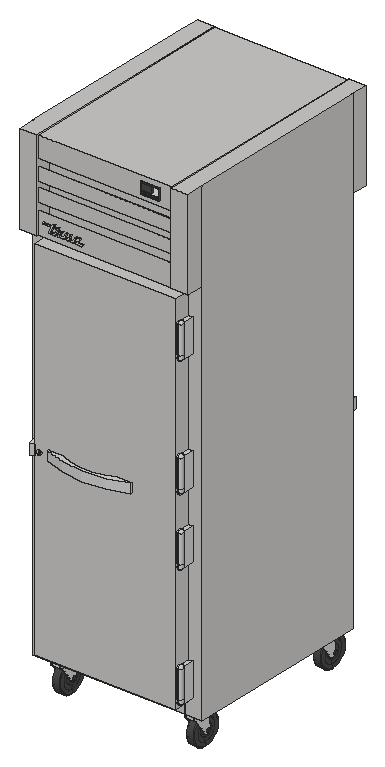
Revit family "QF_TRUE_STG1RPT-1S-1S-HC", category Specialty Equipment, Revit 2012
Parameters
  Weight in Pounds = 0
  Watts = Volts * FL Amps  # 437 W
  Volts = 115 V
  URL Manufacturer = "www.truemfg.com"
  URL Cutsheet = "www.truemfg.com"
  URL = "www.truemfg.com"
  Type Mark [instance] = ""
  Type Comments = "www.truemfg.com"
  Status [instance] = ""
  Specification by User [instance] = ""
  Specification by Manufacturer = ""
  Show Seismic Flanged [instance] = no
  Show Logo [instance] = yes
  Show Legs [instance] = no
  Show Clearance [instance] = yes
  Serial Number = ""
  Seismic Rating = ""
  Seismic Plate [instance] = and(Show Seismic Flanged, not(Show Casters))  # no
  SMACNA No = ""
  Revision Code [instance] = ""
  Phase = 1
  Omniclass Number and Title = ""
  Number of Poles [instance] = 1
  NAFEM Spec ID Number = ""
  Model = "STG1RPT-1S-1S-HC"
  Min Ckt Ampacity = 3.8 A
  Max Overcurrent Protection = 3.8 A
  MasterSpec. = ""
  Manufacturer = "TRUE FOOD SERVICE EQUIPMENT, INC."
  Length = 27 1/2"
  Legs [instance] = or(Show Legs, Show Seismic Flanged)  # no
  Item Number [instance] = ""
  Installed By [instance] = ""
  Identify Quantity as Lot [instance] = yes
  Height = 77 3/4"
  HP = "1/4"
  Furnished By [instance] = ""
  Foodservice Equipment Identifier [instance] = yes
  FL Amps = 3.8 A
  Electrical Remarks [instance] = ""
  Electric Connection Type [instance] = ""
  Elec Conn RI Height [instance] = 0"
  Elec Conn Connection Height [instance] = 0"
  Description = "PASS-THRU SOLID FRONT/SOLID REAR SWING DOORS REFRIGERATOR WITH HYDROCARBON REFRIGERANT WITH LED LIGHTING"
  Depth = 36 1/8"
  Cycle = 60 Hz
  Conn Plug = "5-15P"
  Conn Conduit = yes
  Show Casters [instance] = and(not(if(Show Legs, Show Legs, Show Legs)), not(if(Show Legs, Show Legs, Show Seismic Flanged)))  # yes
  CSI MasterFormat = ""
  CSI Master Format = ""
  Apparent Power = if(Phase = 3, Volts * FL Amps * 1.73, Volts * FL Amps)  # 437 VA
Reference planes (in)
  plane 1: z = 0
  plane 2 "LEFT": x = 0
  plane 3 "RIGHT": x = 27.5
  plane 4 "FRONT": y = -33.75
  plane 5 "TOP": z = 84.125
  plane 6: z = 6.125
  plane 7: y = -33.7042
  plane 8: y = 2.375
  plane 9: y = 4.03125
  plane 10: y = -35.40625
  plane 11: y = -56.78125
  plane 12: y = 25.40625
Forms (in)
  Extrusion 1, solid, material "QF_Finishes_Stainless Steel"
    sketch origin (0.05, 0, 0) x (1, 0, 0) y (0, 1, 0)
      loop
        line (-0.05, -0.375) -> (-0.05, -31) -> (2.80938, -31) -> (2.80938, -0.375) -> (-0.05, -0.375)
    from 6.125 to 84.125
  Extrusion 2, solid, material "QF_Finishes_Stainless Steel"
    sketch origin (50.10312, 0, 0) x (1, 0, 0) y (0, 1, 0)
      loop
        line (-25.4625, -0.375) -> (-25.4625, -31) -> (-22.60312, -31) -> (-22.60312, -0.375) -> (-25.4625, -0.375)
    from 6.125 to 84.125
  Extrusion 3, solid, material "QF_Finishes_Stainless Steel"
    sketch origin (0, 0, 0) x (0, 1, 0) y (0, 0, 1)
      loop
        line (-33.5625, 69.5) -> (-31, 69.5) -> (-31, 64.625) -> (-0.375, 64.625) -> (-0.375, 69.5) -> (2.1875, 69.5) -> (2.1875, 73.29302) -> (-0.15841, 71.625) -> (-0.15841, 72.90057) -> (2.1875, 74.56859) -> (2.1875, 76.6648) -> (-0.15841, 74.99678) -> (-0.15841, 75.95754) -> (2.1875, 77.62556) -> (2.1875, 79.75927) -> (-0.15841, 78.09125) -> (-0.15841, 79.21352) -> (2.1875, 80.88154) -> (2.1875, 84.125) -> (-33.5625, 84.125) -> (-33.5625, 80.68002) -> (-31.5, 79.21352) -> (-31.5, 78.09125) -> (-33.5625, 79.55776) -> (-33.5625, 77.42405) -> (-31.5, 75.95754) -> (-31.5, 74.99678) -> (-33.5625, 76.46328) -> (-33.5625, 74.36708) -> (-31.5, 72.90057) -> (-31.5, 71.625) -> (-33.5625, 73.09151) -> (-33.5625, 69.5)
      loop
        line (-31, 6.125) -> (-0.375, 6.125) -> (-0.375, 8.94743) -> (-31, 8.94743) -> (-31, 6.125)
    from 2.85938 to 24.64063
  Extrusion 4, solid, material "QF_Finishes_Stainless Steel"
    sketch origin (0.10531, 0, 0) x (1, 0, 0) y (0, 1, 0)
      loop
        line (27.34782, -31) -> (24.53532, -31) -> (24.53532, -33.75) -> (27.34782, -33.75) -> (27.34782, -31)
    from 69.5 to 84.125
  Extrusion 5, solid, material "QF_Finishes_Stainless Steel"
    sketch origin (-50.19421, 0, 0.25) x (1, 0, 0) y (0, 1, 0)
      loop
        line (53.05359, -31) -> (50.24109, -31) -> (50.24109, -33.75) -> (53.05359, -33.75) -> (53.05359, -31)
    from 69.25 to 83.875
  Extrusion 6, solid, material "QF_Finishes_Stainless Steel"
    sketch origin (-25.125, 0, -0.71875) x (1, 0, 0) y (0, 0, 1)
      loop
        line (50.34375, 68.6875) -> (27.40625, 68.6875) -> (27.40625, 8.75) -> (50.34375, 8.75) -> (50.34375, 68.6875)
    from 31 to 33.5625
  Extrusion 7, solid, material "QF_Finishes_Handrails and Railings"
    sketch origin (58.4375, -0.0747, 26.3692) x (1, 0, 0) y (0, 1, 0)
      loop
        line (-53.875, -33.4878) -> (-53.875, -33.7)
        arc (-53.875, -33.7) -> (-47.075, -35.14405) -> (-40.275, -33.7) r 16.7325
        line (-40.275, -33.7) -> (-40.275, -33.4878) -> (-42.65351, -33.4878)
        arc (-42.65351, -33.4878) -> (-47.075, -34.65816) -> (-51.49649, -33.4878) r 8.93715
        line (-51.49649, -33.4878) -> (-53.875, -33.4878)
    from 10.87731 to 12.37731
  Extrusion 8, solid, material "QF_Finishes_Handrails and Railings"
    sketch origin (-23.375, 0, -2.25) x (1, 0, 0) y (0, 0, 1)
      loop
        circle (26.4375, 40.0625) r 0.35
      loop
        line (26.47265, 40.33635) -> (26.41715, 40.33635) -> (26.41715, 39.76895) -> (26.47265, 39.76895) -> (26.47265, 40.33635)
    from 33.5625 to 33.625
  Extrusion 9, solid, material "QF_Finishes_Handrails and Railings", visible <- "Show Logo"
    sketch origin (0.33478, 1.08173, -6.73143) x (1, 0, 0) y (0, 0, 1)
      loop
        line (3.46044, 78.46231) -> (3.35478, 78.23573) -> (4.76027, 78.23573)
        arc (4.76027, 78.23573) -> (4.78879, 78.18528) -> (4.76027, 78.13484) r 0.05887
        line (4.76027, 78.13484) -> (4.39369, 77.34872)
        arc (4.39369, 77.34872) -> (4.39051, 77.27591) -> (4.43975, 77.22217) r 0.09523
        line (4.43975, 77.22217) -> (5.33844, 77.22217)
        arc (5.33844, 77.22217) -> (5.45192, 77.25795) -> (5.52436, 77.35235) r 0.19785
        line (5.52436, 77.35235) -> (5.81285, 77.97101) -> (6.0779, 77.97101)
        arc (6.0779, 77.97101) -> (6.14744, 77.94543) -> (6.13737, 77.87203) r 0.05911
        line (6.13737, 77.87203) -> (5.89598, 77.35437)
        arc (5.89598, 77.35437) -> (5.89974, 77.2684) -> (5.97231, 77.22217) r 0.09318
        line (5.97231, 77.22217) -> (6.76198, 77.22217)
        arc (6.76198, 77.22217) -> (6.82249, 77.24419) -> (6.85468, 77.29995) r 0.09412
        arc (6.85468, 77.29995) -> (6.87746, 77.24495) -> (6.93246, 77.22217) r 0.07778
        line (6.93246, 77.22217) -> (7.43246, 77.22217)
        arc (7.43246, 77.22217) -> (7.49022, 77.23765) -> (7.53251, 77.27993) r 0.11552
        arc (7.53251, 77.27993) -> (7.55275, 77.23106) -> (7.60162, 77.21081) r 0.06912
        line (7.60162, 77.21081) -> (8.31225, 77.21081)
        arc (8.31225, 77.21081) -> (8.37034, 77.23488) -> (8.39441, 77.29297) r 0.08216
        arc (8.39441, 77.29297) -> (8.44767, 77.23972) -> (8.52042, 77.22022) r 0.14551
        line (8.52042, 77.22022) -> (9.85158, 77.22022) -> (9.99946, 77.47634) -> (8.65678, 77.47634)
        arc (8.65678, 77.47634) -> (8.61972, 77.50204) -> (8.61834, 77.54711) r 0.05009
        line (8.61834, 77.54711) -> (8.64157, 77.59692)
        arc (8.64157, 77.59692) -> (8.67723, 77.64364) -> (8.73327, 77.66135) r 0.09747
        line (8.73327, 77.66135) -> (9.16485, 77.66135)
        arc (9.16485, 77.66135) -> (9.258, 77.68631) -> (9.32619, 77.7545) r 0.1863
        line (9.32619, 77.7545) -> (9.45119, 77.97101)
        arc (9.45119, 77.97101) -> (9.45119, 78.08657) -> (9.35111, 78.14434) r 0.11556
        line (9.35111, 78.14434) -> (8.89562, 78.14434)
        arc (8.89562, 78.14434) -> (8.7795, 78.12462) -> (8.69849, 78.03912) r 0.18605
        line (8.69849, 78.03912) -> (8.48204, 77.57493)
        arc (8.48204, 77.57493) -> (8.41815, 77.49167) -> (8.31806, 77.46011) r 0.1745
        line (8.31806, 77.46011) -> (7.84559, 77.46011)
        arc (7.84559, 77.46011) -> (7.78903, 77.52184) -> (7.79268, 77.60548) r 0.10939
        line (7.79268, 77.60548) -> (8.04395, 78.14434) -> (7.88403, 78.14434) -> (7.61781, 77.57344)
        arc (7.61781, 77.57344) -> (7.56609, 77.50603) -> (7.48505, 77.48048) r 0.14128
        line (7.48505, 77.48048) -> (7.15925, 77.48048)
        arc (7.15925, 77.48048) -> (7.10419, 77.55223) -> (7.116, 77.64189) r 0.11816
        line (7.116, 77.64189) -> (7.3503, 78.14434) -> (7.18514, 78.14434) -> (6.91546, 77.566)
        arc (6.91546, 77.566) -> (6.85285, 77.50339) -> (6.76733, 77.48048) r 0.17104
        line (6.76733, 77.48048) -> (6.29555, 77.48048)
        arc (6.29555, 77.48048) -> (6.21082, 77.51999) -> (6.20267, 77.61313) r 0.0935
        line (6.20267, 77.61313) -> (6.35774, 77.94569) -> (6.57695, 77.94569)
        arc (6.57695, 77.94569) -> (6.61395, 78.05717) -> (6.69267, 78.14434) r 0.2857
        line (6.69267, 78.14434) -> (5.83605, 78.14434)
        arc (5.83605, 78.14434) -> (5.74086, 78.12324) -> (5.67498, 78.05135) r 0.16212
        line (5.67498, 78.05135) -> (5.44279, 77.55341)
        arc (5.44279, 77.55341) -> (5.3894, 77.50002) -> (5.31647, 77.48048) r 0.14586
        line (5.31647, 77.48048) -> (4.80506, 77.48048)
        arc (4.80506, 77.48048) -> (4.76514, 77.53442) -> (4.77274, 77.60109) r 0.09155
        line (4.77274, 77.60109) -> (5.11018, 78.23573) -> (5.96155, 78.23573) -> (6.06721, 78.46231) -> (5.21584, 78.46231) -> (5.32149, 78.68888) -> (5.01862, 78.68888) -> (4.91297, 78.46231) -> (3.46044, 78.46231)
      loop
        arc (8.83805, 77.93863) -> (8.80119, 77.92875) -> (8.7742, 77.90176) r 0.07373
        line (8.7742, 77.90176) -> (8.75229, 77.83436)
        arc (8.75229, 77.83436) -> (8.76245, 77.80983) -> (8.78699, 77.79966) r 0.0347
        line (8.78699, 77.79966) -> (9.15948, 77.79966)
        arc (9.15948, 77.79966) -> (9.18632, 77.80561) -> (9.20812, 77.82234) r 0.0635
        line (9.20812, 77.82234) -> (9.22624, 77.90622)
        arc (9.22624, 77.90622) -> (9.22091, 77.92868) -> (9.20009, 77.93863) r 0.02676
        line (9.20009, 77.93863) -> (8.83805, 77.93863)
    from 34.64423 to 34.83173
  Extrusion 10, solid
    sketch origin (-25.125, 2.60721, 0) x (1, 0, 0) y (0, 0, 1)
      loop
        circle (49.375, 82) r 0.25
    from 0.23221 to 0.125
  Blend 11, solid, material "QF_Finishes_Handrails and Railings"
    base sketch origin (27.53125, 0, -0.25) x (-1, 0, 0) y (0, 0, -1)
      loop
        line (25.25, -38.99169) -> (26, -38.99169) -> (26, -37.24169) -> (25.25, -37.24169) -> (25.25, -38.99169)
    top sketch origin (27.53125, 0, -0.25) x (-1, 0, 0) y (0, 0, -1)
      loop
        line (26.18223, -36.6441) -> (25.25, -36.6441) -> (25.25, -39.42643) -> (26.18223, -39.42643) -> (26.18223, -36.6441)
    from 33.5625 to 31
  Extrusion 12, solid, material "QF_Finishes_Handrails and Railings"
    sketch origin (26.21875, 0.10979, 0) x (0, 1, 0) y (0, 0, -1)
      loop
        line (-31.10979, -64.55229) -> (-31.10979, -59.23627) -> (-33.25, -59.23627) -> (-33.25, -59.94848) -> (-32.81497, -59.94848) -> (-32.81497, -64.34776)
        arc (-32.81497, -64.34776) -> (-32.75506, -64.49238) -> (-32.61044, -64.55229) r 0.20453
        line (-32.61044, -64.55229) -> (-31.10979, -64.55229)
    from 0.17506 to 1
  Revolve 13, solid, material "QF_Finishes_Handrails and Railings"
    sketch origin (25.71875, 0.10979, 0) x (0, 1, 0) y (0, 0, -1)
      loop
        line (-33.26563, -60.00189) -> (-33.67229, -60.00189) -> (-33.67229, -64.4736)
        arc (-33.67229, -64.4736) -> (-33.53722, -64.72557) -> (-33.26563, -64.81483) r 0.3848
        line (-33.26563, -64.81483) -> (-33.26563, -60.00189)
      loop
        line (-33.26563, -59.94848) -> (-33.26563, -59.04781)
        arc (-33.26563, -59.04781) -> (-33.53264, -59.13383) -> (-33.67229, -59.37712) r 0.38884
        line (-33.67229, -59.37712) -> (-33.67229, -59.94848) -> (-33.26563, -59.94848)
      axis (-33.26563, -59.04781) -> (-33.26563, -64.81483)
    angle from 0 to 360
  Extrusion 14, solid, material "QF_Finishes_Handrails and Railings"
    sketch origin (27.53125, 0.10979, 0) x (-1, 0, 0) y (0, 0, -1)
      loop
        line (1.91491, -64.4736) -> (2.3125, -64.4736) -> (2.3125, -60.00079) -> (1.91491, -60.00079) -> (1.91491, -64.4736)
    from 32.81497 to 33.59495
  Extrusion 15, solid, material "QF_Finishes_Handrails and Railings"
    sketch origin (26.21875, 0.10979, -19.5) x (0, 1, 0) y (0, 0, -1)
      loop
        line (-31.10979, -64.55229) -> (-31.10979, -59.23627) -> (-33.25, -59.23627) -> (-33.25, -59.94848) -> (-32.81497, -59.94848) -> (-32.81497, -64.34776)
        arc (-32.81497, -64.34776) -> (-32.75506, -64.49238) -> (-32.61044, -64.55229) r 0.20453
        line (-32.61044, -64.55229) -> (-31.10979, -64.55229)
    from 0.17506 to 1
  Revolve 16, solid, material "QF_Finishes_Handrails and Railings"
    sketch origin (25.71875, 0.10979, -19.5) x (0, 1, 0) y (0, 0, -1)
      loop
        line (-33.26563, -60.00189) -> (-33.67229, -60.00189) -> (-33.67229, -64.4736)
        arc (-33.67229, -64.4736) -> (-33.53722, -64.72557) -> (-33.26563, -64.81483) r 0.3848
        line (-33.26563, -64.81483) -> (-33.26563, -60.00189)
      loop
        line (-33.26563, -59.94848) -> (-33.26563, -59.04781)
        arc (-33.26563, -59.04781) -> (-33.53264, -59.13383) -> (-33.67229, -59.37712) r 0.38884
        line (-33.67229, -59.37712) -> (-33.67229, -59.94848) -> (-33.26563, -59.94848)
      axis (-33.26563, -59.04781) -> (-33.26563, -64.81483)
    angle from 0 to 360
  Extrusion 17, solid, material "QF_Finishes_Handrails and Railings"
    sketch origin (27.53125, 0.10979, -19.5) x (-1, 0, 0) y (0, 0, -1)
      loop
        line (1.91491, -64.4736) -> (2.3125, -64.4736) -> (2.3125, -60.00079) -> (1.91491, -60.00079) -> (1.91491, -64.4736)
    from 32.81497 to 33.59495
  Extrusion 18, solid, material "QF_Finishes_Handrails and Railings"
    sketch origin (26.21875, 0.10979, -30.5) x (0, 1, 0) y (0, 0, -1)
      loop
        line (-31.10979, -64.55229) -> (-31.10979, -59.23627) -> (-33.25, -59.23627) -> (-33.25, -59.94848) -> (-32.81497, -59.94848) -> (-32.81497, -64.34776)
        arc (-32.81497, -64.34776) -> (-32.75506, -64.49238) -> (-32.61044, -64.55229) r 0.20453
        line (-32.61044, -64.55229) -> (-31.10979, -64.55229)
    from 0.17506 to 1
  Revolve 19, solid, material "QF_Finishes_Handrails and Railings"
    sketch origin (25.71875, 0.10979, -30.5) x (0, 1, 0) y (0, 0, -1)
      loop
        line (-33.26563, -60.00189) -> (-33.67229, -60.00189) -> (-33.67229, -64.4736)
        arc (-33.67229, -64.4736) -> (-33.53722, -64.72557) -> (-33.26563, -64.81483) r 0.3848
        line (-33.26563, -64.81483) -> (-33.26563, -60.00189)
      loop
        line (-33.26563, -59.94848) -> (-33.26563, -59.04781)
        arc (-33.26563, -59.04781) -> (-33.53264, -59.13383) -> (-33.67229, -59.37712) r 0.38884
        line (-33.67229, -59.37712) -> (-33.67229, -59.94848) -> (-33.26563, -59.94848)
      axis (-33.26563, -59.04781) -> (-33.26563, -64.81483)
    angle from 0 to 360
  Extrusion 20, solid, material "QF_Finishes_Handrails and Railings"
    sketch origin (27.53125, 0.10979, -30.5) x (-1, 0, 0) y (0, 0, -1)
      loop
        line (1.91491, -64.4736) -> (2.3125, -64.4736) -> (2.3125, -60.00079) -> (1.91491, -60.00079) -> (1.91491, -64.4736)
    from 32.81497 to 33.59495
  Extrusion 21, solid, material "QF_Finishes_Handrails and Railings"
    sketch origin (26.21875, 0.10979, -50.25) x (0, 1, 0) y (0, 0, -1)
      loop
        line (-31.10979, -64.55229) -> (-31.10979, -59.19743) -> (-33.25, -59.19743) -> (-33.25, -59.94848) -> (-32.81497, -59.94848) -> (-32.81497, -64.34776)
        arc (-32.81497, -64.34776) -> (-32.75506, -64.49238) -> (-32.61044, -64.55229) r 0.20453
        line (-32.61044, -64.55229) -> (-31.10979, -64.55229)
    from 0.17506 to 1
  Revolve 22, solid, material "QF_Finishes_Handrails and Railings"
    sketch origin (25.71875, 0.10979, -50.25) x (0, 1, 0) y (0, 0, -1)
      loop
        line (-33.26563, -60.00189) -> (-33.67229, -60.00189) -> (-33.67229, -64.4736)
        arc (-33.67229, -64.4736) -> (-33.53722, -64.72557) -> (-33.26563, -64.81483) r 0.3848
        line (-33.26563, -64.81483) -> (-33.26563, -60.00189)
      loop
        line (-33.26563, -59.94848) -> (-33.26563, -59.04781)
        arc (-33.26563, -59.04781) -> (-33.53264, -59.13383) -> (-33.67229, -59.37712) r 0.38884
        line (-33.67229, -59.37712) -> (-33.67229, -59.94848) -> (-33.26563, -59.94848)
      axis (-33.26563, -59.04781) -> (-33.26563, -64.81483)
    angle from 0 to 360
  Extrusion 23, solid, material "QF_Finishes_Handrails and Railings"
    sketch origin (27.53125, 0.10979, -50.25) x (-1, 0, 0) y (0, 0, -1)
      loop
        line (1.91491, -64.4736) -> (2.3125, -64.4736) -> (2.3125, -60.00079) -> (1.91491, -60.00079) -> (1.91491, -64.4736)
    from 32.81497 to 33.59495
  Revolve 24, solid, material "QF_Finishes_Black", visible <- "Show Casters"
    sketch origin (22.65625, -27.375, 0) x (1, 0, 0) y (0, 0, 1)
      loop
        line (1.475, 5) -> (1.375, 4.9) -> (1.375, 4.29941) -> (1.53601, 4.29941) -> (1.53601, 3.54941) -> (1.375, 3.54941) -> (1.375, 2.79941) -> (0.975, 2.79941) -> (0.975, 2.5) -> (3.025, 2.5) -> (3.025, 2.79941) -> (2.62908, 2.79941) -> (2.62908, 3.54941) -> (2.46399, 3.54941) -> (2.46399, 4.29941) -> (2.62908, 4.29941) -> (2.62908, 4.89592) -> (2.525, 5) -> (1.475, 5)
      axis (3.025, 2.5) -> (0.975, 2.5)
    angle from 0 to 360
  Extrusion 25, solid, material "QF_Finishes_Handrails and Railings", visible <- "Show Casters"
    sketch origin (22.65625, 0, 0) x (0, 1, 0) y (0, 0, 1)
      loop
        line (-29.95136, 5.48574) -> (-29.95136, 4.88089) -> (-29.70136, 4.88089) -> (-27.95216, 2.18736)
        arc (-27.95216, 2.18736) -> (-27.23883, 1.94868) -> (-26.84581, 2.59003) r 0.60416
        line (-26.84581, 2.59003) -> (-27.20136, 5.48574) -> (-29.95136, 5.48574)
      loop
        line (-4.45145, 5.48574) -> (-4.45145, 4.88089) -> (-4.20145, 4.88089) -> (-2.45225, 2.18736)
        arc (-2.45225, 2.18736) -> (-1.73892, 1.94868) -> (-1.3459, 2.59003) r 0.60416
        line (-1.3459, 2.59003) -> (-1.70145, 5.48574) -> (-4.45145, 5.48574)
    from 1.175 to 1.325
  Extrusion 26, solid, material "QF_Finishes_Handrails and Railings", visible <- "Show Casters"
    sketch origin (24.15625, 0, 0) x (0, 1, 0) y (0, 0, 1)
      loop
        line (-29.95136, 5.48574) -> (-29.95136, 4.88089) -> (-29.70136, 4.88089) -> (-27.95216, 2.18736)
        arc (-27.95216, 2.18736) -> (-27.23883, 1.94868) -> (-26.84581, 2.59003) r 0.60416
        line (-26.84581, 2.59003) -> (-27.20136, 5.48574) -> (-29.95136, 5.48574)
      loop
        line (-4.45145, 5.48574) -> (-4.45145, 4.88089) -> (-4.20145, 4.88089) -> (-2.45225, 2.18736)
        arc (-2.45225, 2.18736) -> (-1.73892, 1.94868) -> (-1.3459, 2.59003) r 0.60416
        line (-1.3459, 2.59003) -> (-1.70145, 5.48574) -> (-4.45145, 5.48574)
    from 1.175 to 1.325
  Revolve 27, solid, material "QF_Finishes_Chrome - Satin", visible <- "Show Casters"
    sketch origin (22.65625, -28.5625, -0.5) x (1, 0, 0) y (0, 0, 1)
      loop
        line (2, 5.99546) -> (2, 6.62359) -> (0.70293, 6.62359) -> (0.70293, 5.99546) -> (2, 5.99546)
      axis (2, 5.99546) -> (2, 6.62359)
    angle from 0 to 360
  Revolve 28, solid, material "QF_Finishes_Chrome - Satin", visible <- "Legs"
    sketch origin (22.65625, -2.69102, 0) x (1, 0, 0) y (0, 0, 1)
      loop
        line (2, 6.125) -> (0.66662, 6.125) -> (1.25, 1) -> (1.5, 1) -> (1.5, 0) -> (2, 0) -> (2, 6.125)
      axis (2, 0) -> (2, 6.125)
    angle from 0 to 360
  Revolve 29, solid, material "QF_Finishes_Chrome - Satin", visible <- "Legs"
    sketch origin (22.65625, -28.65977, 0) x (1, 0, 0) y (0, 0, 1)
      loop
        line (2, 6.125) -> (0.66662, 6.125) -> (1.25, 1) -> (1.5, 1) -> (1.5, 0) -> (2, 0) -> (2, 6.125)
      axis (2, 0) -> (2, 6.125)
    angle from 0 to 360
  Revolve 30, solid, material "QF_Finishes_Chrome - Satin", visible <- "Show Casters"
    sketch origin (22.65625, -2.70321, -0.5) x (1, 0, 0) y (0, 0, 1)
      loop
        line (2, 5.99546) -> (2, 6.62359) -> (0.70293, 6.62359) -> (0.70293, 5.99546) -> (2, 5.99546)
      axis (2, 5.99546) -> (2, 6.62359)
    angle from 0 to 360
  Extrusion 31, solid, material "QF_Finishes_Handrails and Railings", visible <- "Show Casters"
    sketch origin (-25.125, 0, 0) x (0, 1, 0) y (0, 0, 1)
      loop
        line (-29.95136, 5.48574) -> (-29.95136, 4.88089) -> (-29.70136, 4.88089) -> (-27.16533, 5.19227) -> (-27.20136, 5.48574) -> (-29.95136, 5.48574)
      loop
        line (-4.45145, 5.48574) -> (-4.45145, 4.88089) -> (-4.20145, 4.88089) -> (-1.66542, 5.19227) -> (-1.70145, 5.48574) -> (-4.45145, 5.48574)
    from 49.10625 to 50.45625
  Revolve 32, solid, material "QF_Finishes_Black", visible <- "Show Casters"
    sketch origin (0.84375, -27.375, 0) x (1, 0, 0) y (0, 0, 1)
      loop
        line (1.475, 5) -> (1.375, 4.9) -> (1.375, 4.29941) -> (1.53601, 4.29941) -> (1.53601, 3.54941) -> (1.375, 3.54941) -> (1.375, 2.79941) -> (0.975, 2.79941) -> (0.975, 2.5) -> (3.025, 2.5) -> (3.025, 2.79941) -> (2.62908, 2.79941) -> (2.62908, 3.54941) -> (2.46399, 3.54941) -> (2.46399, 4.29941) -> (2.62908, 4.29941) -> (2.62908, 4.89592) -> (2.525, 5) -> (1.475, 5)
      axis (3.025, 2.5) -> (0.975, 2.5)
    angle from 0 to 360
  Extrusion 33, solid, material "QF_Finishes_Handrails and Railings", visible <- "Show Casters"
    sketch origin (0.84375, 0, 0) x (0, 1, 0) y (0, 0, 1)
      loop
        line (-29.95136, 5.48574) -> (-29.95136, 4.88089) -> (-29.70136, 4.88089) -> (-27.95216, 2.18736)
        arc (-27.95216, 2.18736) -> (-27.23883, 1.94868) -> (-26.84581, 2.59003) r 0.60416
        line (-26.84581, 2.59003) -> (-27.20136, 5.48574) -> (-29.95136, 5.48574)
      loop
        line (-4.45145, 5.48574) -> (-4.45145, 4.88089) -> (-4.20145, 4.88089) -> (-2.45225, 2.18736)
        arc (-2.45225, 2.18736) -> (-1.73892, 1.94868) -> (-1.3459, 2.59003) r 0.60416
        line (-1.3459, 2.59003) -> (-1.70145, 5.48574) -> (-4.45145, 5.48574)
    from 1.175 to 1.325
  Extrusion 34, solid, material "QF_Finishes_Handrails and Railings", visible <- "Show Casters"
    sketch origin (2.34375, 0, 0) x (0, 1, 0) y (0, 0, 1)
      loop
        line (-29.95136, 5.48574) -> (-29.95136, 4.88089) -> (-29.70136, 4.88089) -> (-27.95216, 2.18736)
        arc (-27.95216, 2.18736) -> (-27.23883, 1.94868) -> (-26.84581, 2.59003) r 0.60416
        line (-26.84581, 2.59003) -> (-27.20136, 5.48574) -> (-29.95136, 5.48574)
      loop
        line (-4.45145, 5.48574) -> (-4.45145, 4.88089) -> (-4.20145, 4.88089) -> (-2.45225, 2.18736)
        arc (-2.45225, 2.18736) -> (-1.73892, 1.94868) -> (-1.3459, 2.59003) r 0.60416
        line (-1.3459, 2.59003) -> (-1.70145, 5.48574) -> (-4.45145, 5.48574)
    from 1.175 to 1.325
  Revolve 35, solid, material "QF_Finishes_Chrome - Satin", visible <- "Show Casters"
    sketch origin (0.84375, -28.5625, -0.5) x (1, 0, 0) y (0, 0, 1)
      loop
        line (2, 5.99546) -> (2, 6.62359) -> (0.70293, 6.62359) -> (0.70293, 5.99546) -> (2, 5.99546)
      axis (2, 5.99546) -> (2, 6.62359)
    angle from 0 to 360
  Revolve 36, solid, material "QF_Finishes_Chrome - Satin", visible <- "Legs"
    sketch origin (0.84375, -2.69102, 0) x (1, 0, 0) y (0, 0, 1)
      loop
        line (2, 6.125) -> (0.66662, 6.125) -> (1.25, 1) -> (1.5, 1) -> (1.5, 0) -> (2, 0) -> (2, 6.125)
      axis (2, 0) -> (2, 6.125)
    angle from 0 to 360
  Revolve 37, solid, material "QF_Finishes_Chrome - Satin", visible <- "Legs"
    sketch origin (0.84375, -28.65977, 0) x (1, 0, 0) y (0, 0, 1)
      loop
        line (2, 6.125) -> (0.66662, 6.125) -> (1.25, 1) -> (1.5, 1) -> (1.5, 0) -> (2, 0) -> (2, 6.125)
      axis (2, 0) -> (2, 6.125)
    angle from 0 to 360
  Revolve 38, solid, material "QF_Finishes_Chrome - Satin", visible <- "Show Casters"
    sketch origin (0.84375, -2.70321, -0.5) x (1, 0, 0) y (0, 0, 1)
      loop
        line (2, 5.99546) -> (2, 6.62359) -> (0.70293, 6.62359) -> (0.70293, 5.99546) -> (2, 5.99546)
      axis (2, 5.99546) -> (2, 6.62359)
    angle from 0 to 360
  Extrusion 39, solid, material "QF_Finishes_Handrails and Railings", visible <- "Show Casters"
    sketch origin (-46.9375, 0, 0) x (0, 1, 0) y (0, 0, 1)
      loop
        line (-29.95136, 5.48574) -> (-29.95136, 4.88089) -> (-29.70136, 4.88089) -> (-27.16533, 5.19227) -> (-27.20136, 5.48574) -> (-29.95136, 5.48574)
      loop
        line (-4.45145, 5.48574) -> (-4.45145, 4.88089) -> (-4.20145, 4.88089) -> (-1.66542, 5.19227) -> (-1.70145, 5.48574) -> (-4.45145, 5.48574)
    from 49.10625 to 50.45625
  Extrusion 40, solid, material "QF_Finishes_Stainless Steel"
    sketch origin (-25.125, -31.7042, -0.71875) x (1, 0, 0) y (0, 0, -1)
      loop
        line (27.40625, -68.6875) -> (50.34375, -68.6875) -> (50.34375, -8.75) -> (27.40625, -8.75) -> (27.40625, -68.6875)
    from 31.3292 to 33.8917
  Extrusion 41, solid, material "QF_Finishes_Stainless Steel"
    sketch origin (0.10531, -31.3292, 0) x (1, 0, 0) y (0, 1, 0)
      loop
        line (27.34782, 30.9542) -> (27.34782, 33.7042) -> (24.53532, 33.7042) -> (24.53532, 30.9542) -> (27.34782, 30.9542)
    from 69.5 to 84.125
  Extrusion 42, solid, material "QF_Finishes_Stainless Steel"
    sketch origin (-50.19421, -31.3292, 0.25) x (1, 0, 0) y (0, 1, 0)
      loop
        line (53.05359, 30.625) -> (53.05359, 33.7042) -> (50.24109, 33.7042) -> (50.24109, 30.625) -> (53.05359, 30.625)
    from 69.25 to 83.875
  Extrusion 43, solid, material "QF_Finishes_Handrails and Railings"
    sketch origin (1.28125, -31.10979, 0) x (0, -1, 0) y (0, 0, -1)
      loop
        line (-30.73479, -64.55229) -> (-30.73479, -59.23627) -> (-32.875, -59.23627) -> (-32.875, -59.94848) -> (-32.43997, -59.94848) -> (-32.43997, -64.34776)
        arc (-32.43997, -64.34776) -> (-32.38006, -64.49238) -> (-32.23544, -64.55229) r 0.20453
        line (-32.23544, -64.55229) -> (-30.73479, -64.55229)
    from 0.17506 to 1
  Revolve 44, solid, material "QF_Finishes_Handrails and Railings"
    sketch origin (1.78125, -31.10979, 0) x (0, -1, 0) y (0, 0, -1)
      loop
        line (-32.89063, -60.00189) -> (-33.29729, -60.00189) -> (-33.29729, -64.4736)
        arc (-33.29729, -64.4736) -> (-33.16222, -64.72557) -> (-32.89063, -64.81483) r 0.3848
        line (-32.89063, -64.81483) -> (-32.89063, -60.00189)
      loop
        line (-32.89063, -59.94848) -> (-32.89063, -59.04781)
        arc (-32.89063, -59.04781) -> (-33.15764, -59.13383) -> (-33.29729, -59.37712) r 0.38884
        line (-33.29729, -59.37712) -> (-33.29729, -59.94848) -> (-32.89063, -59.94848)
      axis (-32.89063, -59.04781) -> (-32.89063, -64.81483)
    angle from 0 to 360
  Extrusion 45, solid, material "QF_Finishes_Handrails and Railings"
    sketch origin (-0.03125, -31.40745, 0) x (1, 0, 0) y (0, 0, -1)
      loop
        line (1.91491, -64.4736) -> (2.3125, -64.4736) -> (2.3125, -60.00079) -> (1.91491, -60.00079) -> (1.91491, -64.4736)
    from 32.81497 to 33.59495
  Extrusion 46, solid, material "QF_Finishes_Handrails and Railings"
    sketch origin (1.28125, -31.10979, -19.5) x (0, -1, 0) y (0, 0, -1)
      loop
        line (-30.73479, -64.55229) -> (-30.73479, -59.23627) -> (-32.875, -59.23627) -> (-32.875, -59.94848) -> (-32.43997, -59.94848) -> (-32.43997, -64.34776)
        arc (-32.43997, -64.34776) -> (-32.38006, -64.49238) -> (-32.23544, -64.55229) r 0.20453
        line (-32.23544, -64.55229) -> (-30.73479, -64.55229)
    from 0.17506 to 1
  Revolve 47, solid, material "QF_Finishes_Handrails and Railings"
    sketch origin (1.78125, -31.10979, -19.5) x (0, -1, 0) y (0, 0, -1)
      loop
        line (-32.89063, -60.00189) -> (-33.29729, -60.00189) -> (-33.29729, -64.4736)
        arc (-33.29729, -64.4736) -> (-33.16222, -64.72557) -> (-32.89063, -64.81483) r 0.3848
        line (-32.89063, -64.81483) -> (-32.89063, -60.00189)
      loop
        line (-32.89063, -59.94848) -> (-32.89063, -59.04781)
        arc (-32.89063, -59.04781) -> (-33.15764, -59.13383) -> (-33.29729, -59.37712) r 0.38884
        line (-33.29729, -59.37712) -> (-33.29729, -59.94848) -> (-32.89063, -59.94848)
      axis (-32.89063, -59.04781) -> (-32.89063, -64.81483)
    angle from 0 to 360
  Extrusion 48, solid, material "QF_Finishes_Handrails and Railings"
    sketch origin (-0.03125, -31.40745, -19.5) x (1, 0, 0) y (0, 0, -1)
      loop
        line (1.91491, -64.4736) -> (2.3125, -64.4736) -> (2.3125, -60.00079) -> (1.91491, -60.00079) -> (1.91491, -64.4736)
    from 32.81497 to 33.59495
  Extrusion 49, solid, material "QF_Finishes_Handrails and Railings"
    sketch origin (1.28125, -31.10979, -30.5) x (0, -1, 0) y (0, 0, -1)
      loop
        line (-30.73479, -64.55229) -> (-30.73479, -59.23627) -> (-32.875, -59.23627) -> (-32.875, -59.94848) -> (-32.43997, -59.94848) -> (-32.43997, -64.34776)
        arc (-32.43997, -64.34776) -> (-32.38006, -64.49238) -> (-32.23544, -64.55229) r 0.20453
        line (-32.23544, -64.55229) -> (-30.73479, -64.55229)
    from 0.17506 to 1
  Revolve 50, solid, material "QF_Finishes_Handrails and Railings"
    sketch origin (1.78125, -31.10979, -30.5) x (0, -1, 0) y (0, 0, -1)
      loop
        line (-32.89063, -60.00189) -> (-33.29729, -60.00189) -> (-33.29729, -64.4736)
        arc (-33.29729, -64.4736) -> (-33.16222, -64.72557) -> (-32.89063, -64.81483) r 0.3848
        line (-32.89063, -64.81483) -> (-32.89063, -60.00189)
      loop
        line (-32.89063, -59.94848) -> (-32.89063, -59.04781)
        arc (-32.89063, -59.04781) -> (-33.15764, -59.13383) -> (-33.29729, -59.37712) r 0.38884
        line (-33.29729, -59.37712) -> (-33.29729, -59.94848) -> (-32.89063, -59.94848)
      axis (-32.89063, -59.04781) -> (-32.89063, -64.81483)
    angle from 0 to 360
  Extrusion 51, solid, material "QF_Finishes_Handrails and Railings"
    sketch origin (-0.03125, -31.40745, -30.5) x (1, 0, 0) y (0, 0, -1)
      loop
        line (1.91491, -64.4736) -> (2.3125, -64.4736) -> (2.3125, -60.00079) -> (1.91491, -60.00079) -> (1.91491, -64.4736)
    from 32.81497 to 33.59495
  Extrusion 52, solid, material "QF_Finishes_Handrails and Railings"
    sketch origin (1.28125, -31.10979, -50.25) x (0, -1, 0) y (0, 0, -1)
      loop
        line (-30.73479, -64.55229) -> (-30.73479, -59.23627) -> (-32.875, -59.23627) -> (-32.875, -59.94848) -> (-32.43997, -59.94848) -> (-32.43997, -64.34776)
        arc (-32.43997, -64.34776) -> (-32.38006, -64.49238) -> (-32.23544, -64.55229) r 0.20453
        line (-32.23544, -64.55229) -> (-30.73479, -64.55229)
    from 0.17506 to 1
  Revolve 53, solid, material "QF_Finishes_Handrails and Railings"
    sketch origin (1.78125, -31.10979, -50.25) x (0, -1, 0) y (0, 0, -1)
      loop
        line (-32.89063, -60.00189) -> (-33.29729, -60.00189) -> (-33.29729, -64.4736)
        arc (-33.29729, -64.4736) -> (-33.16222, -64.72557) -> (-32.89063, -64.81483) r 0.3848
        line (-32.89063, -64.81483) -> (-32.89063, -60.00189)
      loop
        line (-32.89063, -59.94848) -> (-32.89063, -59.04781)
        arc (-32.89063, -59.04781) -> (-33.15764, -59.13383) -> (-33.29729, -59.37712) r 0.38884
        line (-33.29729, -59.37712) -> (-33.29729, -59.94848) -> (-32.89063, -59.94848)
      axis (-32.89063, -59.04781) -> (-32.89063, -64.81483)
    angle from 0 to 360
  Extrusion 54, solid, material "QF_Finishes_Handrails and Railings"
    sketch origin (-0.03125, -31.40745, -50.25) x (1, 0, 0) y (0, 0, -1)
      loop
        line (1.91491, -64.4736) -> (2.3125, -64.4736) -> (2.3125, -60.00079) -> (1.91491, -60.00079) -> (1.91491, -64.4736)
    from 32.81497 to 33.59495
  Extrusion 55, solid, material "QF_Finishes_Handrails and Railings"
    sketch origin (-25.125, 2.1875, -0.71875) x (1, 0, 0) y (0, 0, -1)
      loop
        circle (49.53125, -38.09375) r 0.35
      loop
        line (49.4961, -38.36761) -> (49.5516, -38.36761) -> (49.5516, -37.8002) -> (49.4961, -37.8002) -> (49.4961, -38.36761)
    from 0 to 0.0625
  Blend 56, solid, material "QF_Finishes_Handrails and Railings"
    base sketch origin (-0.03125, -31.375, -0.6875) x (1, 0, 0) y (0, 0, -1)
      loop
        line (25.25, -38.99169) -> (26, -38.99169) -> (26, -37.24169) -> (25.25, -37.24169) -> (25.25, -38.99169)
    top sketch origin (-0.03125, -31.375, -0.6875) x (1, 0, 0) y (0, 0, -1)
      loop
        line (26.18223, -36.6441) -> (25.25, -36.6441) -> (25.25, -39.42643) -> (26.18223, -39.42643) -> (26.18223, -36.6441)
    from 33.5625 to 31
  Extrusion 57, solid, material "QF_Finishes_White"
    sketch origin (-23.16691, 1.06376, 1.58022) x (1, 0, 0) y (0, 0, 1)
      loop
        line (42.91107, 81.73227) -> (42.91107, 79.98496) -> (45.81732, 79.98496) -> (45.81732, 81.73227) -> (42.91107, 81.73227)
    from 34.62626 to 34.72001
  Extrusion 58, solid, material "QF_Finishes_Black"
    sketch origin (-23.16691, 1.06376, 1.58022) x (1, 0, 0) y (0, 0, 1)
      loop
        line (45.87982, 81.79477) -> (42.84857, 81.79477) -> (42.84857, 79.92246) -> (45.87982, 79.92246) -> (45.87982, 81.79477)
      loop
        spline (43.04857, 80.25372) -> (43.05708, 80.23754) -> (43.08206, 80.22247) -> (43.12179, 80.20952) -> (43.17357, 80.19959) -> (43.23386, 80.19335) -> (43.29857, 80.19122) -> (43.36327, 80.19335) -> (43.42357, 80.19959) -> (43.47534, 80.20952) -> (43.51507, 80.22247) -> (43.54005, 80.23754) -> (43.54857, 80.25372)
        spline (43.54857, 80.25372) -> (43.54005, 80.26989) -> (43.51507, 80.28497) -> (43.47534, 80.29791) -> (43.42357, 80.30784) -> (43.36327, 80.31409) -> (43.29857, 80.31622) -> (43.23386, 80.31409) -> (43.17357, 80.30784) -> (43.12179, 80.29791) -> (43.08206, 80.28497) -> (43.05708, 80.26989) -> (43.04857, 80.25372)
      loop
        spline (43.74458, 80.25372) -> (43.7531, 80.23754) -> (43.77807, 80.22247) -> (43.8178, 80.20952) -> (43.86958, 80.19959) -> (43.92987, 80.19335) -> (43.99458, 80.19122) -> (44.05928, 80.19335) -> (44.11958, 80.19959) -> (44.17136, 80.20952) -> (44.21109, 80.22247) -> (44.23606, 80.23754) -> (44.24458, 80.25372)
        spline (44.24458, 80.25372) -> (44.23606, 80.26989) -> (44.21109, 80.28497) -> (44.17136, 80.29791) -> (44.11958, 80.30784) -> (44.05928, 80.31409) -> (43.99458, 80.31622) -> (43.92987, 80.31409) -> (43.86958, 80.30784) -> (43.8178, 80.29791) -> (43.77807, 80.28497) -> (43.7531, 80.26989) -> (43.74458, 80.25372)
      loop
        spline (44.49458, 80.25372) -> (44.5031, 80.23754) -> (44.52807, 80.22247) -> (44.5678, 80.20952) -> (44.61958, 80.19959) -> (44.67987, 80.19335) -> (44.74458, 80.19122) -> (44.80928, 80.19335) -> (44.86958, 80.19959) -> (44.92136, 80.20952) -> (44.96109, 80.22247) -> (44.98606, 80.23754) -> (44.99458, 80.25372)
        spline (44.99458, 80.25372) -> (44.98606, 80.26989) -> (44.96109, 80.28497) -> (44.92136, 80.29791) -> (44.86958, 80.30784) -> (44.80928, 80.31409) -> (44.74458, 80.31622) -> (44.67987, 80.31409) -> (44.61958, 80.30784) -> (44.5678, 80.29791) -> (44.52807, 80.28497) -> (44.5031, 80.26989) -> (44.49458, 80.25372)
      loop
        line (43.04856, 81.59478) -> (43.04856, 80.59478) -> (44.74808, 80.59478) -> (44.74808, 81.59478) -> (43.04856, 81.59478)
      loop
        line (45.81732, 81.73227) -> (42.91107, 81.73227) -> (42.91107, 79.98496) -> (45.81732, 79.98496) -> (45.81732, 81.73227)
      loop
        spline (45.24458, 80.25372) -> (45.2531, 80.23754) -> (45.27807, 80.22247) -> (45.3178, 80.20952) -> (45.36958, 80.19959) -> (45.42987, 80.19335) -> (45.49458, 80.19122) -> (45.55928, 80.19335) -> (45.61958, 80.19959) -> (45.67136, 80.20952) -> (45.71109, 80.22247) -> (45.73606, 80.23754) -> (45.74458, 80.25372)
        spline (45.74458, 80.25372) -> (45.73606, 80.26989) -> (45.71109, 80.28497) -> (45.67136, 80.29791) -> (45.61958, 80.30784) -> (45.55928, 80.31409) -> (45.49458, 80.31622) -> (45.42987, 80.31409) -> (45.36958, 80.30784) -> (45.3178, 80.29791) -> (45.27807, 80.28497) -> (45.2531, 80.26989) -> (45.24458, 80.25372)
    from 34.62626 to 34.81376
  Revolve 59, solid, material "QF_Finishes_Black", visible <- "Show Casters"
    sketch origin (22.65625, -1.50009, 0) x (1, 0, 0) y (0, 0, 1)
      loop
        line (1.475, 5) -> (1.375, 4.9) -> (1.375, 4.29941) -> (1.53601, 4.29941) -> (1.53601, 3.54941) -> (1.375, 3.54941) -> (1.375, 2.79941) -> (0.975, 2.79941) -> (0.975, 2.5) -> (3.025, 2.5) -> (3.025, 2.79941) -> (2.62908, 2.79941) -> (2.62908, 3.54941) -> (2.46399, 3.54941) -> (2.46399, 4.29941) -> (2.62908, 4.29941) -> (2.62908, 4.89592) -> (2.525, 5) -> (1.475, 5)
      axis (3.025, 2.5) -> (0.975, 2.5)
    angle from 0 to 360
  Revolve 60, solid, material "QF_Finishes_Black", visible <- "Show Casters"
    sketch origin (0.84375, -1.50009, 0) x (1, 0, 0) y (0, 0, 1)
      loop
        line (1.475, 5) -> (1.375, 4.9) -> (1.375, 4.29941) -> (1.53601, 4.29941) -> (1.53601, 3.54941) -> (1.375, 3.54941) -> (1.375, 2.79941) -> (0.975, 2.79941) -> (0.975, 2.5) -> (3.025, 2.5) -> (3.025, 2.79941) -> (2.62908, 2.79941) -> (2.62908, 3.54941) -> (2.46399, 3.54941) -> (2.46399, 4.29941) -> (2.62908, 4.29941) -> (2.62908, 4.89592) -> (2.525, 5) -> (1.475, 5)
      axis (3.025, 2.5) -> (0.975, 2.5)
    angle from 0 to 360
  Extrusion 61, solid, material "QF_Door-Drawer Clearances", visible <- "Show Clearance", detail levels coarse
    sketch origin (26.42841, -3.60924, 0) x (1, 0, 0) y (0, 1, 0)
      loop
        line (-1.20966, -29.95326) -> (-24.14724, -29.95326)
        arc (-24.14724, -29.95326) -> (-17.45499, -46.28134) -> (-1.20966, -53.17201) r 23.18883
        line (-1.20966, -53.17201) -> (-1.20966, -29.95326)
      loop
        line (-24.14716, 5.79674) -> (-1.20958, 5.79674)
        arc (-1.20958, 5.79674) -> (-7.89721, 22.12938) -> (-24.14716, 29.01549) r 23.1729
        line (-24.14716, 29.01549) -> (-24.14716, 5.79674)
    from 8.03125 to 67.96875
  Extrusion 62, solid, material "QF_Finishes_Chrome - Satin", visible <- "Seismic Plate"
    sketch origin (-0.22541, -26.86834, 0) x (1, 0, 0) y (0, 1, 0)
      loop
        circle (3.06916, -1.69416) r 1.5
    from 0 to 0.25
  Extrusion 63, solid, material "QF_Finishes_Chrome - Satin", visible <- "Seismic Plate"
    sketch origin (-0.22541, -0.99687, 0) x (1, 0, 0) y (0, 1, 0)
      loop
        circle (3.06916, -1.69416) r 1.5
    from 0 to 0.25
  Extrusion 64, solid, material "QF_Finishes_Chrome - Satin", visible <- "Seismic Plate"
    sketch origin (21.49334, -0.99687, 0) x (1, 0, 0) y (0, 1, 0)
      loop
        circle (3.16291, -1.69416) r 1.5
    from 0 to 0.25
  Extrusion 65, solid, material "QF_Finishes_Chrome - Satin", visible <- "Seismic Plate"
    sketch origin (21.49334, -26.86834, 0) x (1, 0, 0) y (0, 1, 0)
      loop
        circle (3.16291, -1.69416) r 1.5
    from 0 to 0.25
  Extrusion 66, solid, material "QF_Finishes_Handrails and Railings"
    sketch origin (-30.9375, -31.30031, 25.8067) x (-1, 0, 0) y (0, -1, 0)
      loop
        line (-53.875, -33.4878) -> (-53.875, -33.7)
        arc (-53.875, -33.7) -> (-47.075, -35.33157) -> (-40.275, -33.7) r 14.9862
        line (-40.275, -33.7) -> (-40.275, -33.4878) -> (-42.65351, -33.4878)
        arc (-42.65351, -33.4878) -> (-47.075, -34.82115) -> (-51.49649, -33.4878) r 7.99769
        line (-51.49649, -33.4878) -> (-53.875, -33.4878)
    from 10.87731 to 12.37731
Cuts and joins
  joined: Extrusion 1, Extrusion 2, Extrusion 4, Extrusion 5, Extrusion 41, Extrusion 42
Lines and regions (in)
  symbolic lines
    curve 1: line (0, -0.375, 0) -> (27.5, -0.375, 0)
    curve 2: line (0, -33.5625, 0) -> (0, 2.375, 0)
    curve 3: line (27.5, -33.5625, 0) -> (0, -33.5625, 0)
    curve 4: line (27.5, 2.375, 0) -> (27.5, -33.5625, 0)
    curve 5: line (27.5, -31, 0) -> (0, -31, 0)
    curve 23: line (23.5625, 2.5625, 0) -> (23.5625, 3.84375, 0)
    curve 24: line (23.5625, 3.84375, 0) -> (25.0625, 3.84375, 0)
    curve 25: line (25.0625, 3.84375, 0) -> (25.0625, 2.375, 0)
    curve 27: line (0, 2.375, 0) -> (27.5, 2.375, 0)
    curve 28: line (3.68957, -33.5625, 0) -> (3.68957, -33.75, 0)
    curve 29: line (3.68957, -33.75, 0) -> (10.33424, -33.75, 0)
    curve 30: line (10.33424, -33.75, 0) -> (10.33424, -33.5625, 0)
    curve 31: line (19.68165, -33.5625, 0) -> (19.68165, -33.75, 0)
    curve 32: line (19.68165, -33.75, 0) -> (22.7129, -33.75, 0)
    curve 33: line (22.7129, -33.75, 0) -> (22.7129, -33.5625, 0)
    curve 34: arc (4.50725, -33.75, 0) -> (11.33224, -35.21872, 0) -> (18.1625, -33.7747, 0) r 16.7325
    curve 35: arc (15.78399, -33.5625, 0) -> (11.59646, -34.73076, 0) -> (7.3611, -33.75, 0) r 8.79261
    curve 36: line (18.1625, -33.7747, 0) -> (18.1625, -33.5625, 0)
    curve 37: line (23.81043, 2.375, 0) -> (23.81043, 2.5625, 0)
    curve 38: line (23.81043, 2.5625, 0) -> (17.16576, 2.5625, 0)
    curve 39: line (17.16576, 2.5625, 0) -> (17.16576, 2.375, 0)
    curve 42: arc (22.9375, 2.39969, 0) -> (16.1375, 4.03126, 0) -> (9.3375, 2.39969, 0) r 14.9862
    curve 43: arc (12.01254, 2.375, 0) -> (16.1375, 3.52085, 0) -> (20.26246, 2.375, 0) r 7.99769
    curve 44: line (9.3375, 2.39969, 0) -> (9.3375, 2.375, 0)
    curve 45: line (22.9375, 2.375, 0) -> (22.9375, 2.39969, 0)
  symbolic lines, style "SpecialityEquipmentHiddenLines", visible <- "Show Casters"
    curve 6: line (3.91409, -24.76035, 0) -> (5.00001, -25.3873, 0)
    curve 7: line (1.41409, -29.09048, 0) -> (3.91409, -24.76035, 0)
    curve 8: line (2.50001, -29.71743, 0) -> (1.41409, -29.09048, 0)
    curve 9: line (5.00001, -25.3873, 0) -> (2.50001, -29.71743, 0)
    curve 10: line (3.91409, -0.76035, 0) -> (5.00001, -1.3873, 0)
    curve 11: line (1.41409, -5.09048, 0) -> (3.91409, -0.76035, 0)
    curve 12: line (2.50001, -5.71743, 0) -> (1.41409, -5.09048, 0)
    curve 13: line (5.00001, -1.3873, 0) -> (2.50001, -5.71743, 0)
    curve 14: line (24.82156, -0.76035, 0) -> (25.90747, -1.3873, 0)
    curve 15: line (22.32156, -5.09048, 0) -> (24.82156, -0.76035, 0)
    curve 16: line (23.40747, -5.71743, 0) -> (22.32156, -5.09048, 0)
    curve 17: line (25.90747, -1.3873, 0) -> (23.40747, -5.71743, 0)
    curve 18: line (24.82156, -24.86443, 0) -> (25.90747, -25.49138, 0)
    curve 19: line (22.32156, -29.19455, 0) -> (24.82156, -24.86443, 0)
    curve 20: line (23.40747, -29.82151, 0) -> (22.32156, -29.19455, 0)
    curve 21: line (25.90747, -25.49138, 0) -> (23.40747, -29.82151, 0)
  symbolic lines, style "QF_Door-Drawer Clearances"
    curve 22: line (25.21875, -33.5625, 0) -> (5.31336, -45.04722, 0)
    curve 26: line (2.28125, 2.375, 0) -> (22.09282, 13.83456, 0)
    curve 40: arc (5.31336, -45.04722, 0) -> (3.04127, -39.50446, 0) -> (2.28117, -33.5625, 0) r 22.94703
    curve 41: arc (22.09282, 13.83456, 0) -> (24.41013, 8.31055, 0) -> (25.21875, 2.375, 0) r 22.94703
Dimensions and locks (in)
  plane 6 to level = 6 1/8"
  plane 5 "TOP" to level = 84 1/8"
  plane 5 "TOP" to plane 6 = 78"
  "Length": plane 2 "LEFT" to plane 3 "RIGHT"
  "Depth": plane 4 "FRONT" to plane 8
  plane 3 "RIGHT" to plane 2 "LEFT" = 27 1/2"
  cut or joined group of Extrusion 1, Extrusion 2, Extrusion 4, Extrusion 5, Extrusion 41, Extrusion 42 to cut or joined group of Extrusion 1, Extrusion 2, Extrusion 4, Extrusion 5, Extrusion 41, Extrusion 42 = 2 13/16"  (x2)
  Extrusion 6 to plane 2 "LEFT" = 2 9/32"
  plane 3 "RIGHT" to Extrusion 6 = 2 9/32"
  Extrusion 6 to plane 6 = 1 29/32"
  Extrusion 3 to Extrusion 6 = 1 17/32"
  Extrusion 6 to Extrusion 6 = 22 15/16"
  cut or joined group of Extrusion 1, Extrusion 2, Extrusion 4, Extrusion 5, Extrusion 41, Extrusion 42 to cut or joined group of Extrusion 1, Extrusion 2, Extrusion 4, Extrusion 5, Extrusion 41, Extrusion 42 = 27 13/32"
  Extrusion 6 to Extrusion 7 = 29.22224"
  Extrusion 7 to Extrusion 6 = 29.21526"
  plane 4 "FRONT" to plane 8 = 36 1/8"
  cut or joined group of Extrusion 1, Extrusion 2, Extrusion 4, Extrusion 5, Extrusion 41, Extrusion 42 to cut or joined group of Extrusion 1, Extrusion 2, Extrusion 4, Extrusion 5, Extrusion 41, Extrusion 42 = 30 5/8"  (x2)
  plane 8 to plane 4 "FRONT" = 36 1/8"
  plane 11 to plane 4 "FRONT" = 23 1/32"
  plane 8 to plane 12 = 23 1/32"
  aligned and locked: level to plane 1
  aligned and locked: Extrusion 3 to cut or joined group of Extrusion 1, Extrusion 2, Extrusion 4, Extrusion 5, Extrusion 41, Extrusion 42
Automatic sketch dimensions
  curve 1 to plane 2 "LEFT" = 0"
  plane 4 "FRONT" to curve 28 = 0"
  plane 4 "FRONT" to curve 32 = 0"
  curve 4 to plane 3 "RIGHT" = 0"
  plane 2 "LEFT" to curve 8 = 1.41409"
  plane 2 "LEFT" to curve 11 = 1.41409"
  plane 8 to curve 41 = 0.10328"
  plane 2 "LEFT" to curve 41 = 2.27195"
  curve 40 to plane 4 "FRONT" = 3/16"
  plane 2 "LEFT" to curve 40 = 2.28117"
  curve 41 to curve 26 = 0.0093"
  curve 7 to curve 9 = 1.08591"
  curve 11 to curve 13 = 1.08591"
  curve 40 to curve 28 = 1.40839"
  curve 41 to curve 11 = 1.64214"
  plane 2 "LEFT" to curve 6 = 3.91409"
  curve 28 to curve 34 = 0.81768"
  plane 2 "LEFT" to curve 40 = 5.31336"
  curve 34 to curve 35 = 2.85385"
  curve 35 to curve 30 = 2.97314"
  curve 6 to curve 34 = 6.36249"
  curve 6 to curve 35 = 6.40077"
  curve 30 to curve 35 = 5.44975"
  curve 39 to curve 4 = 10.33424"
  curve 35 to curve 36 = 2.37851"
  curve 36 to curve 31 = 1.51916"
  curve 41 to plane 3 "RIGHT" = 5.40718"
  curve 16 to plane 3 "RIGHT" = 5.17844"
  curve 31 to curve 20 = 2.6399"
  curve 31 to curve 33 = 3 1/32"
  curve 19 to curve 21 = 1.08591"
  curve 15 to curve 16 = 1.08591"
  curve 23 to plane 8 = 3/16"
  curve 23 to plane 3 "RIGHT" = 3 15/16"
  curve 23 to curve 37 = 0.24793"
  curve 14 to plane 3 "RIGHT" = 2.67844"
  curve 18 to plane 3 "RIGHT" = 2.67844"
  curve 24 to plane 9 = 3/16"
  curve 23 to curve 24 = 1 1/2"
  curve 22 to curve 3 = 2 9/32"
  curve 25 to curve 41 = 5/32"
  curve 22 to curve 40 = 0.0093"
  plane 4 "FRONT" to curve 34 = 0.0247"
  curve 40 to plane 10 = 9.64097"
  curve 3 to curve 5 = 2 9/16"
  curve 33 to curve 21 = 3.74099"
  curve 5 to curve 8 = 1.28257"
  curve 20 to curve 20 = 0.62695"
  curve 8 to curve 8 = 0.62695"
  plane 8 to curve 17 = 8.09243"
  curve 12 to curve 41 = 7.98915"
  curve 12 to curve 11 = 0.62695"
  curve 16 to curve 16 = 0.62695"
  curve 14 to curve 1 = 1.0123"
  Extrusion 1 sketch curve to plane 2 "LEFT" = 0"
  plane 2 "LEFT" to Extrusion 1 sketch curve = 2 55/64"
  Extrusion 1 sketch curve to plane 4 "FRONT" = 2 3/4"
  plane 8 to Extrusion 1 sketch curve = 2 3/4"
  Extrusion 2 sketch curve to plane 3 "RIGHT" = 0"
  Extrusion 2 sketch curve to plane 3 "RIGHT" = 2 55/64"
  Extrusion 2 sketch curve to plane 4 "FRONT" = 2 3/4"
  plane 8 to Extrusion 2 sketch curve = 2 3/4"
  Extrusion 3 sketch curve to plane 5 "TOP" = 0"
  plane 7 to Extrusion 3 sketch curve = 0.1417"  (x4)
  plane 7 to Extrusion 3 sketch curve = 2.2042"
  Extrusion 3 sketch curve to Extrusion 3 sketch curve = 0"  (x3)
  Extrusion 3 sketch curve to plane 6 = 0"
  plane 7 to Extrusion 3 sketch curve = 2.7042"
  Extrusion 3 sketch curve to Extrusion 3 sketch curve = 1/2"
  plane 8 to Extrusion 3 sketch curve = 2 3/4"  (x2)
  plane 8 to Extrusion 3 sketch curve = 2.53341"  (x2)
  plane 8 to Extrusion 3 sketch curve = 3/16"  (x4)
  plane 6 to Extrusion 3 sketch curve = 2.82243"
  Extrusion 3 sketch curve to plane 5 "TOP" = 19 1/2"
  Extrusion 3 sketch curve to Extrusion 3 sketch curve = 4 7/8"  (x2)
  Extrusion 3 sketch curve to Extrusion 3 sketch curve = 2 1/8"  (x2)
  Extrusion 3 sketch curve to Extrusion 3 sketch curve = 1.27557"  (x4)
  Extrusion 3 sketch curve to Extrusion 3 sketch curve = 0.19093"
  Extrusion 3 sketch curve to Extrusion 3 sketch curve = 0.39245"
  Extrusion 3 sketch curve to Extrusion 3 sketch curve = 2.0962"  (x4)
  Extrusion 3 sketch curve to Extrusion 3 sketch curve = 0.96076"  (x4)
  Extrusion 3 sketch curve to Extrusion 3 sketch curve = 2.13371"  (x3)
  Extrusion 3 sketch curve to Extrusion 3 sketch curve = 1.12227"  (x4)
  Extrusion 3 sketch curve to Extrusion 3 sketch curve = 0.34424"
  plane 4 "FRONT" to Extrusion 4 sketch curve = 0"
  Extrusion 4 sketch curve to plane 3 "RIGHT" = 2 55/64"
  Extrusion 4 sketch curve to plane 3 "RIGHT" = 3/64"
  Extrusion 4 sketch curve to Extrusion 4 sketch curve = 2 3/4"
  plane 4 "FRONT" to Extrusion 5 sketch curve = 0"
  plane 2 "LEFT" to Extrusion 5 sketch curve = 3/64"
  Extrusion 5 sketch curve to Extrusion 5 sketch curve = 2 13/16"
  Extrusion 5 sketch curve to Extrusion 5 sketch curve = 2 3/4"
  plane 2 "LEFT" to Extrusion 6 sketch curve = 2 9/32"
  Extrusion 6 sketch curve to plane 3 "RIGHT" = 2 9/32"
  plane 6 to Extrusion 6 sketch curve = 1 29/32"
  Extrusion 6 sketch curve to plane 5 "TOP" = 16 5/32"
  Extrusion 7 sketch curve to plane 4 "FRONT" = 3/16"  (x2)
  plane 2 "LEFT" to Extrusion 7 sketch curve = 4 9/16"
  Extrusion 7 sketch curve to Extrusion 7 sketch curve = 2.37851"  (x2)
  Extrusion 7 sketch curve to Extrusion 7 sketch curve = 4.42149"
  Extrusion 7 sketch curve to Extrusion 7 sketch curve = 0"
  plane 4 "FRONT" to Extrusion 7 sketch curve = 0.0247"
  Extrusion 7 sketch curve to plane 4 "FRONT" = 7.95429"
  Extrusion 7 sketch curve to Extrusion 7 sketch curve = 7.30945"
  plane 2 "LEFT" to Extrusion 8 sketch curve = 3.04215"
  Extrusion 8 sketch curve to Extrusion 8 sketch curve = 0.02035"
  Extrusion 8 sketch curve to Extrusion 8 sketch curve = 0.0555"
  plane 6 to Extrusion 8 sketch curve = 31.39395"
  Extrusion 8 sketch curve to Extrusion 8 sketch curve = 0.29355"
  Extrusion 8 sketch curve to Extrusion 8 sketch curve = 0.27385"
  plane 2 "LEFT" to Extrusion 9 sketch curve = 3.68957"
  Extrusion 9 sketch curve to Extrusion 9 sketch curve = 0.10565"  (x5)
  Extrusion 9 sketch curve to Extrusion 9 sketch curve = 1.03891"
  Extrusion 9 sketch curve to Extrusion 9 sketch curve = 0.04606"
  Extrusion 9 sketch curve to Extrusion 9 sketch curve = 0.04025"
  Extrusion 9 sketch curve to Extrusion 9 sketch curve = 0.33624"
  Extrusion 9 sketch curve to Extrusion 9 sketch curve = 0.03034"  (x2)
  Extrusion 9 sketch curve to Extrusion 9 sketch curve = 0.29274"
  Extrusion 9 sketch curve to Extrusion 9 sketch curve = 0.03232"
  Extrusion 9 sketch curve to Extrusion 9 sketch curve = 0.08083"
  Extrusion 9 sketch curve to Extrusion 9 sketch curve = 0.1527"
  Extrusion 9 sketch curve to Extrusion 9 sketch curve = 0.19721"
  Extrusion 9 sketch curve to Extrusion 9 sketch curve = 0.4629"
  Extrusion 9 sketch curve to Extrusion 9 sketch curve = 0.02197"
  Extrusion 9 sketch curve to Extrusion 9 sketch curve = 0.12632"
  Extrusion 9 sketch curve to Extrusion 9 sketch curve = 0.18591"
  Extrusion 9 sketch curve to Extrusion 9 sketch curve = 0.2322"
  Extrusion 9 sketch curve to Extrusion 9 sketch curve = 0.13786"
  Extrusion 9 sketch curve to Extrusion 9 sketch curve = 0.00907"
  Extrusion 9 sketch curve to Extrusion 9 sketch curve = 0.01413"
  Extrusion 9 sketch curve to Extrusion 9 sketch curve = 0.37162"
  Extrusion 9 sketch curve to Extrusion 9 sketch curve = 0.12551"
  Extrusion 9 sketch curve to Extrusion 9 sketch curve = 0.07633"
  Extrusion 9 sketch curve to Extrusion 9 sketch curve = 0.08445"
  Extrusion 9 sketch curve to Extrusion 9 sketch curve = 0.25598"
  Extrusion 9 sketch curve to Extrusion 9 sketch curve = 0.01887"
  Extrusion 9 sketch curve to Extrusion 9 sketch curve = 0.04061"
  Extrusion 9 sketch curve to Extrusion 9 sketch curve = 0.0653"
  Extrusion 9 sketch curve to Extrusion 9 sketch curve = 0.08474"
  Extrusion 9 sketch curve to Extrusion 9 sketch curve = 0.00815"
  Extrusion 9 sketch curve to Extrusion 9 sketch curve = 0.22037"
  Extrusion 9 sketch curve to Extrusion 9 sketch curve = 0.21921"
  Extrusion 9 sketch curve to Extrusion 9 sketch curve = 0.11572"
  Extrusion 9 sketch curve to Extrusion 9 sketch curve = 0.46643"
  Extrusion 9 sketch curve to Extrusion 9 sketch curve = 0.00535"
  Extrusion 9 sketch curve to Extrusion 9 sketch curve = 0.09269"
  Extrusion 9 sketch curve to Extrusion 9 sketch curve = 0.09348"
  Extrusion 9 sketch curve to Extrusion 9 sketch curve = 0.14812"
  Extrusion 9 sketch curve to Extrusion 9 sketch curve = 0.07778"  (x3)
  Extrusion 9 sketch curve to Extrusion 9 sketch curve = 0.20054"
  Extrusion 9 sketch curve to Extrusion 9 sketch curve = 0.04325"
  Extrusion 9 sketch curve to Extrusion 9 sketch curve = 0.32433"
  Extrusion 9 sketch curve to Extrusion 9 sketch curve = 0.10233"  (x2)
  Extrusion 9 sketch curve to Extrusion 9 sketch curve = 0.16515"
  Extrusion 9 sketch curve to Extrusion 9 sketch curve = 0.27321"
  Extrusion 9 sketch curve to Extrusion 9 sketch curve = 0.0526"
  Extrusion 9 sketch curve to Extrusion 9 sketch curve = 0.10005"
  Extrusion 9 sketch curve to Extrusion 9 sketch curve = 0.06912"
  Extrusion 9 sketch curve to Extrusion 9 sketch curve = 0.13276"
  Extrusion 9 sketch curve to Extrusion 9 sketch curve = 0.17486"
  Extrusion 9 sketch curve to Extrusion 9 sketch curve = 0.05291"
  Extrusion 9 sketch curve to Extrusion 9 sketch curve = 0.53374"
  Extrusion 9 sketch curve to Extrusion 9 sketch curve = 0.09914"  (x2)
  Extrusion 9 sketch curve to Extrusion 9 sketch curve = 0.15992"
  Extrusion 9 sketch curve to Extrusion 9 sketch curve = 0.46666"
  Extrusion 9 sketch curve to Extrusion 9 sketch curve = 0.00582"
  Extrusion 9 sketch curve to Extrusion 9 sketch curve = 0.08216"
  Extrusion 9 sketch curve to Extrusion 9 sketch curve = 0.16397"
  Extrusion 9 sketch curve to Extrusion 9 sketch curve = 0.12601"
  Extrusion 9 sketch curve to Extrusion 9 sketch curve = 0.1363"
  Extrusion 9 sketch curve to Extrusion 9 sketch curve = 0.02323"
  Extrusion 9 sketch curve to Extrusion 9 sketch curve = 0.03844"
  Extrusion 9 sketch curve to Extrusion 9 sketch curve = 0.0454"
  Extrusion 9 sketch curve to Extrusion 9 sketch curve = 0.05693"
  Extrusion 9 sketch curve to Extrusion 9 sketch curve = 0.0917"
  Extrusion 9 sketch curve to Extrusion 9 sketch curve = 0.01902"
  Extrusion 9 sketch curve to Extrusion 9 sketch curve = 0.02191"
  Extrusion 9 sketch curve to Extrusion 9 sketch curve = 0.0347"
  Extrusion 9 sketch curve to Extrusion 9 sketch curve = 0.06385"
  Extrusion 9 sketch curve to Extrusion 9 sketch curve = 0.02906"
  Extrusion 9 sketch curve to Extrusion 9 sketch curve = 0.02851"
  Extrusion 9 sketch curve to Extrusion 9 sketch curve = 0.29237"
  Extrusion 9 sketch curve to Extrusion 9 sketch curve = 0.00537"
  Extrusion 9 sketch curve to Extrusion 9 sketch curve = 0.0406"
  Extrusion 9 sketch curve to Extrusion 9 sketch curve = 0.04327"
